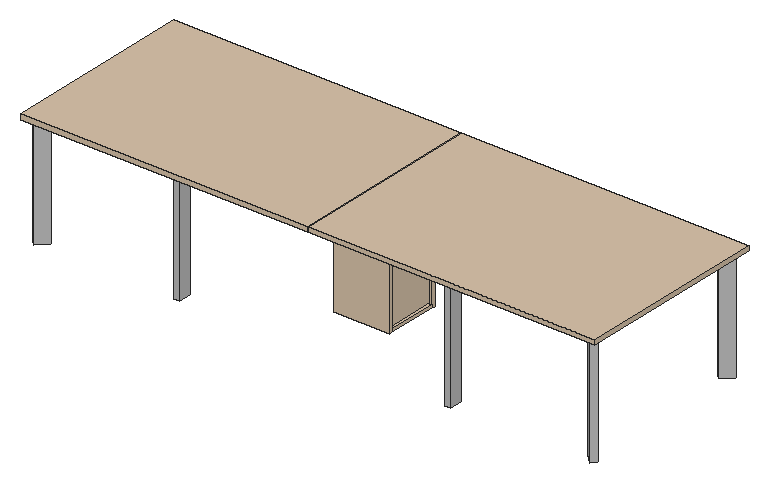
Revit family "Haworth_Planes_ConferenceTable_RectangularTwoPiece", category Furniture Systems, Revit 2018
Family settings
  Round Connector Dimension = Use Diameter
  Part Type = Normal
  OmniClass Number = 23.40.70.14.64.21
  OmniClass Title = Systems Furniture
  Work Plane-Based = No
  Always vertical = Yes
  Cut with Voids When Loaded = No
  Shared = No
  Room Calculation Point = No
Parameters (values of type "144w 48d")
  Worksurface Finish = Haworth _ Laminate _ Maple H-AE
  Worksurface Edge Finish = Haworth _ Laminate _ Maple H-AE
  Warranty = "http://www.haworth.com/resources/product-info/warranties"
  URL - Product = "http://www.haworth.com/products/tables/conference/planes"
  Sustainability Info = "http://media.haworth.com/asset/5175/Planes%20tables%20PEDS.pdf"
  Support Location_Middle = Actual Width / 4 - 2"  # 34"
  Support Location_Front_Back = if(Perimeter Leg, 3/4", 3")  # 3"
  Support Finish = Haworth _ Paint _ Metallic Champagne
  Perimeter Leg = not(Interior Leg)  # no
  No Cable Base = not(Cable Base)  # no
  Model = "TARA"  # constant formula
  Min. Depth = 42"  # constant formula
  Middle Leg_Perimeter = and(Actual Width > 149", Perimeter Leg)  # no
  Middle Leg_Interior = and(Actual Width > 137", Interior Leg)  # yes
  Max. Depth = 60"  # constant formula
  Interior Leg = yes
  Width = 144"
  URL = "www.haworth.com"
  Support Height = Actual Height - Table Thickness  # 27 13/16"
  Size = "Verify Final Dim. w/ Haworth"  # constant formula
  Revision Number = "2"  # constant formula
  Min/Max Width = "48-78 @ 6 in. increments"  # constant formula
  Standard Height = "29 in."  # constant formula
  Min. Width = 121"  # constant formula
  Max. Width = 180"  # constant formula
  Min. Height = 29"  # constant formula
  Max. Height = 29"  # constant formula
  Manufacturer = "Haworth"  # constant formula
  Support Location_Side = if(Perimeter Leg, 1 5/8", 3")  # 3"
  Half Width = Actual Width / 2  # 72"
  Description = "Haworth - Planes - Conference Table Rectangular - Two-Piece"  # constant formula
  Depth = 48"
  Custom Size = not(and(or(Depth = 42", Depth = 48", Depth = 54", Depth = 60"), or(Width = 126", Width = 132", Width = 138", Width = 144", Width = 150", Width = 156", Width = 162", Width = 168", Width = 174", Width = 180")))  # no
  Center Leg_Perimeter = and(No Cable Base, Perimeter Leg)  # no
  Center Leg_Interior = and(No Cable Base, Interior Leg)  # no
  Cable Base = yes
  Base Finish = Haworth _ Laminate _ Maple H-AE
  Author = "Haworth (Hampton), SHAPE Environments, LLC"  # constant formula
  Assembly Code = "E2020200"
  Actual Width = if(Width > Max. Width, Max. Width, if(Width < Min. Width, Min. Width, Width))  # 144"
  Actual Height = 29"  # constant formula
  Table Thickness = if(Perimeter Leg, 2", 1 3/16")  # 1 3/16"
  Standard Depths = "30, 36, 42, 48, 54, 60 in."  # constant formula
  Actual Depth = if(Depth > Max. Depth, Max. Depth, if(Depth < Min. Depth, Min. Depth, Depth))  # 48"
Reference planes (in)
  plane 1 "Center F/B": y = -0.15866
  plane 2 "Floor": z = 0
  plane 3 "Center L/R": x = 0
  plane 4 "Table Edge Left": x = -72
  plane 5 "Table Edge Right": x = 72
  plane 6 "Table Edge Back": y = -24.15866
  plane 7 "Table Edge Front": y = 23.84134
  plane 8 "Table Bottom": z = 29
  plane 9 "Left Support Location": x = -69
  plane 10 "Back Support Location": y = 20.84134
  plane 11 "Front Support Location": y = -21.15866
  plane 12 "Right Support Location": x = 69
  plane 13 "masking region": z = 27
  plane 14 "Left Middle Support": x = -34
  plane 15 "Right Middle Support": x = 34
Lines and regions (in)
  Masking region 1
    outline origin (0, 0, 27) x (0, -1, 0) y (1, 0, 0)
      loop
        line (-23.84134, -72) -> (24.15866, -72) -> (24.15866, 0) -> (-23.84134, 0) -> (-23.84134, -72)
  Masking region 2
    outline origin (10, 0, 27) x (-1, 0, 0) y (0, -1, 0)
      loop
        line (-62, -23.84134) -> (10, -23.84134) -> (10, 24.15866) -> (-62, 24.15866) -> (-62, -23.84134)
Dimensions and locks (in)
  "Actual Depth": plane 7 "Table Edge Front" to plane 6 "Table Edge Back"
  "Actual Width": plane 4 "Table Edge Left" to plane 5 "Table Edge Right"
  equal spacing: plane 4 "Table Edge Left", plane 3 "Center L/R", plane 5 "Table Edge Right"
  equal spacing: plane 7 "Table Edge Front", plane 1 "Center F/B", plane 6 "Table Edge Back"
  "Actual Height": plane 8 "Table Bottom" to level
  "Support Location_Side": plane 4 "Table Edge Left" to plane 9 "Left Support Location"
  "Support Location_Side": plane 12 "Right Support Location" to plane 5 "Table Edge Right"
  "Support Location_Front_Back": plane 7 "Table Edge Front" to plane 10 "Back Support Location"
  "Support Location_Front_Back": plane 11 "Front Support Location" to plane 6 "Table Edge Back"
  "Support Location_Middle": plane 14 "Left Middle Support" to plane 3 "Center L/R"
  "Support Location_Middle": plane 3 "Center L/R" to plane 15 "Right Middle Support"
  aligned: plane 3 "Center L/R" to nested 1
  aligned and locked: plane 1 "Center F/B" to nested 1
  aligned and locked: plane 4 "Table Edge Left" to Masking region 1 sketch curve
  aligned and locked: Masking region 1 sketch curve to plane 7 "Table Edge Front"
  aligned and locked: nested 1 to Masking region 1 sketch curve
  aligned and locked: plane 9 "Left Support Location" to nested 3
  aligned and locked: nested 3 to plane 11 "Front Support Location"
  aligned and locked: nested 2 to plane 10 "Back Support Location"
  aligned and locked: plane 9 "Left Support Location" to nested 2
  aligned and locked: plane 10 "Back Support Location" to nested 4
  aligned and locked: plane 11 "Front Support Location" to nested 5
  aligned and locked: plane 12 "Right Support Location" to nested 5
  aligned and locked: plane 12 "Right Support Location" to nested 4
  aligned and locked: plane 3 "Center L/R" to nested 6
  aligned and locked: plane 3 "Center L/R" to nested 7
  aligned and locked: nested 7 to plane 11 "Front Support Location"
  aligned and locked: plane 10 "Back Support Location" to nested 6
  aligned and locked: plane 9 "Left Support Location" to nested 9
  aligned and locked: plane 9 "Left Support Location" to nested 8
  aligned and locked: plane 11 "Front Support Location" to nested 9
  aligned and locked: nested 8 to plane 10 "Back Support Location"
  aligned and locked: plane 10 "Back Support Location" to nested 10
  aligned and locked: plane 12 "Right Support Location" to nested 10
  aligned and locked: nested 11 to plane 11 "Front Support Location"
  aligned and locked: plane 12 "Right Support Location" to nested 11
  aligned and locked: plane 3 "Center L/R" to nested 12
  aligned and locked: plane 3 "Center L/R" to nested 13
  aligned and locked: plane 11 "Front Support Location" to nested 13
  aligned and locked: nested 12 to plane 10 "Back Support Location"
  aligned and locked: Masking region 2 to plane 3 "Center L/R"
  aligned and locked: plane 5 "Table Edge Right" to Masking region 2
  aligned and locked: plane 3 "Center L/R" to Masking region 1
  aligned and locked: plane 4 "Table Edge Left" to nested 1
  aligned and locked: nested 14 to plane 3 "Center L/R"
  aligned and locked: nested 22 to plane 11 "Front Support Location"
  aligned and locked: plane 11 "Front Support Location" to nested 21
  aligned and locked: nested 16 to plane 10 "Back Support Location"
  aligned and locked: plane 10 "Back Support Location" to nested 15
  aligned and locked: nested 18 to plane 10 "Back Support Location"
  aligned and locked: plane 10 "Back Support Location" to nested 17
  aligned and locked: nested 20 to plane 11 "Front Support Location"
  aligned and locked: plane 11 "Front Support Location" to nested 19
  aligned and locked: nested 20 to plane 15 "Right Middle Support"
  aligned and locked: nested 19 to plane 15 "Right Middle Support"
  aligned and locked: nested 18 to plane 15 "Right Middle Support"
  aligned and locked: nested 17 to plane 15 "Right Middle Support"
  aligned and locked: plane 14 "Left Middle Support" to nested 16
  aligned and locked: plane 14 "Left Middle Support" to nested 15
  aligned and locked: plane 14 "Left Middle Support" to nested 22
  aligned and locked: plane 14 "Left Middle Support" to nested 21
  aligned and locked: nested 23 to nested 14
  aligned and locked: plane 3 "Center L/R" to nested 23
Automatic sketch dimensions
  Masking region 1 sketch curve to plane 3 "Center L/R" = 0"
  plane 5 "Table Edge Right" to Masking region 2 sketch curve = 0"
  plane 3 "Center L/R" to Masking region 2 sketch curve = 0"
  Masking region 2 sketch curve to plane 7 "Table Edge Front" = 0"
  plane 6 "Table Edge Back" to Masking region 2 sketch curve = 0"
Nested families (in)
  nested 1: "Worksurface-Rectangular" at (-36, -15.15866, 0), type "Worksurface"
    with Actual Width 72", Actual Depth 48"
  nested 2: "Haworth_Worksurface-Support_Part-Leg" at (-60.5, 42.08065, 0) x (-1, 0, 0) z (0, 0, 1), type "Support"
    with Support Post 45 Degree yes
  nested 3: "Haworth_Worksurface-Support_Part-Leg" at (-77.5, 0.08065, 0), type "Support"
    with Support Post 45 Degree yes
  nested 4: "Haworth_Worksurface-Support_Part-Leg" at (77.5, -0.39797, 0) x (-1, 0, 0) z (0, 0, 1), type "Support"
    with Support Post 45 Degree yes
  nested 5: "Haworth_Worksurface-Support_Part-Leg" at (77.5, 0.08065, 0) x (-1, 0, 0) z (0, 0, 1), type "Support"
    with Support Post 45 Degree yes
  nested 6: "Haworth_Worksurface-Support_Part-Leg" at (8.5, 42.08065, 0) x (-1, 0, 0) z (0, 0, 1), visible <- "Center Leg_Interior", type "Middle Support"
    with Support Post Standard yes
  nested 7: "Haworth_Worksurface-Support_Part-Leg" at (-8.5, 0.08065, 0), visible <- "Center Leg_Interior", type "Middle Support"
    with Support Post Standard yes
  nested 8: "Haworth_Worksurface-Support_Part-Leg" at (-47.76069, 12.34134, 0) x (0, 1, 0) z (0, 0, 1), type "Perimeter Support"
  nested 9: "Haworth_Worksurface-Support_Part-Leg" at (-90.23931, -29.65866, 0) x (0, 1, 0) z (0, 0, 1), type "Perimeter Support"
  nested 10: "Haworth_Worksurface-Support_Part-Leg" at (47.76069, 12.34134, 0) x (0, 1, 0) z (0, 0, 1), type "Perimeter Support"
  nested 11: "Haworth_Worksurface-Support_Part-Leg" at (90.23931, -29.65866, 0) x (0, 1, 0) z (0, 0, 1), type "Perimeter Support"
  nested 12: "Haworth_Worksurface-Support_Part-Leg" at (21.23931, 12.34134, 0) x (0, 1, 0) z (0, 0, 1), visible <- "Center Leg_Perimeter", type "Middle Support"
    with Support Post Standard yes
  nested 13: "Haworth_Worksurface-Support_Part-Leg" at (-21.23931, -29.65866, 0) x (0, 1, 0) z (0, 0, 1), visible <- "Center Leg_Perimeter", type "Middle Support"
    with Support Post Standard yes
  nested 14: "Worksurface-Rectangular" at (36, -15.15866, 0) x (-1, 0, 0) z (0, 0, 1), type "Worksurface"
    with Actual Width 72", Actual Depth 48"
  nested 15: "Haworth_Worksurface-Support_Part-Leg" at (-25.5, 42.08065, 0) x (-1, 0, 0) z (0, 0, 1), visible <- "Middle Leg_Interior", type "Middle Support"
    with Support Post Standard yes
  nested 16: "Haworth_Worksurface-Support_Part-Leg" at (-12.76069, 12.34134, 0) x (0, 1, 0) z (0, 0, 1), visible <- "Middle Leg_Perimeter", type "Middle Support"
    with Support Post Standard yes
  nested 17: "Haworth_Worksurface-Support_Part-Leg" at (42.5, 42.08065, 0) x (-1, 0, 0) z (0, 0, 1), visible <- "Middle Leg_Interior", type "Middle Support"
    with Support Post Standard yes
  nested 18: "Haworth_Worksurface-Support_Part-Leg" at (55.23931, 12.34134, 0) x (0, 1, 0) z (0, 0, 1), visible <- "Middle Leg_Perimeter", type "Middle Support"
    with Support Post Standard yes
  nested 19: "Haworth_Worksurface-Support_Part-Leg" at (42.5, 0.08065, 0) x (-1, 0, 0) z (0, 0, 1), visible <- "Middle Leg_Interior", type "Middle Support"
    with Support Post Standard yes
  nested 20: "Haworth_Worksurface-Support_Part-Leg" at (55.23931, -29.65866, 0) x (0, 1, 0) z (0, 0, 1), visible <- "Middle Leg_Perimeter", type "Middle Support"
    with Support Post Standard yes
  nested 21: "Haworth_Worksurface-Support_Part-Leg" at (-25.5, 0.08065, 0) x (-1, 0, 0) z (0, 0, 1), visible <- "Middle Leg_Interior", type "Middle Support"
    with Support Post Standard yes
  nested 22: "Haworth_Worksurface-Support_Part-Leg" at (-12.76069, -29.65866, 0) x (0, 1, 0) z (0, 0, 1), visible <- "Middle Leg_Perimeter", type "Middle Support"
    with Support Post Standard yes
  nested 23: "Haworth_Planes-Cable_Base" at (0, -3.78366, 0), visible <- "Cable Base", type "14" x 14""
Definition of nested family "Worksurface-Rectangular"
  Parameters
    Width = 0"
    Warranty = ""
    URL - Product = ""
    URL = "www.haworth.com"
    Table Thickness = 1 3/16"
    Table Finish = none
    Table Edge Finish = none
    Sustainability Info = ""
    Squared Corners = yes
    Size = "Verify Final Dim. w/ Haworth"  # constant formula
    Rounded Corners = no
    Revision Number = ""
    OmniClass Number = ""
    Min/Max Width = ""
    Min/Max Height = ""
    Min. Width = 0"
    Max. Width = 0"
    Min. Height = 0"
    Max. Height = 0"
    Material Options = ""
    Manufacturer = "Haworth"  # constant formula
    LEED Data = ""
    Height = 0"
    Author = "SHAPE Environments, LLC"  # constant formula
    Assembly Code = ""
    Actual Width = 60"
    Actual Height = 29"
    Actual Depth = 30"
  Reference planes (in)
    plane 1 "Center F/B": y = 15
    plane 2: z = 0
    plane 3 "Center L/R": x = 0
    plane 4 "Table Front": y = 30
    plane 5 "Table Right": x = 30
    plane 6 "Table Left": x = -30
    plane 7 "Table Back": y = 0
    plane 8 "Table Top": z = 29
    plane 9 "Table Bottom": z = 27.8125
  Forms (in)
    Extrusion 1, solid, material <- "Table Finish", visible <- "Squared Corners"
      sketch origin (0, 0, 0) x (1, 0, 0) y (0, 1, 0)
        loop
          line (-30, 30) -> (-30, 0) -> (30, 0) -> (30, 30) -> (-30, 30)
      from 27.8125 to 29
    Extrusion 2, solid, material <- "Table Finish", visible <- "Rounded Corners"
      sketch origin (0, 0, 0) x (1, 0, 0) y (0, 1, 0)
        loop
          arc (-28.5, 30) -> (-29.56066, 29.56066) -> (-30, 28.5) r 1.5
          line (-30, 28.5) -> (-30, 1.5)
          arc (-30, 1.5) -> (-29.56066, 0.43934) -> (-28.5, 0) r 1.5
          line (-28.5, 0) -> (28.5, 0)
          arc (28.5, 0) -> (29.56066, 0.43934) -> (30, 1.5) r 1.5
          line (30, 1.5) -> (30, 28.5)
          arc (30, 28.5) -> (29.56066, 29.56066) -> (28.5, 30) r 1.5
          line (28.5, 30) -> (-28.5, 30)
      from 27.8125 to 29
  Lines and regions (in)
    Masking region 1, visible <- "Squared Corners"
      outline origin (0, 0, 29) x (-1, 0, 0) y (0, -1, 0)
        loop
          line (30, -30) -> (30, 0) -> (-30, 0) -> (-30, -30) -> (30, -30)
    Masking region 2, visible <- "Rounded Corners"
      outline origin (0, 0, 29) x (-1, 0, 0) y (0, -1, 0)
        loop
          arc (28.5, -30) -> (29.56066, -29.56066) -> (30, -28.5) r 1.5
          line (30, -28.5) -> (30, -1.5)
          arc (30, -1.5) -> (29.56066, -0.43934) -> (28.5, 0) r 1.5
          line (28.5, 0) -> (-28.5, 0)
          arc (-28.5, 0) -> (-29.56066, -0.43934) -> (-30, -1.5) r 1.5
          line (-30, -1.5) -> (-30, -28.5)
          arc (-30, -28.5) -> (-29.56066, -29.56066) -> (-28.5, -30) r 1.5
          line (-28.5, -30) -> (28.5, -30)
  Dimensions and locks (in)
    "Actual Depth": plane 7 "Table Back" to plane 4 "Table Front"
    "Actual Width": plane 6 "Table Left" to plane 5 "Table Right"
    equal spacing: plane 6 "Table Left", plane 3 "Center L/R", plane 5 "Table Right"
    equal spacing: plane 4 "Table Front", plane 1 "Center F/B", plane 7 "Table Back"
    "Table Thickness": plane 8 "Table Top" to plane 9 "Table Bottom"
    "Actual Height": plane 8 "Table Top" to level
    aligned and locked: plane 6 "Table Left" to Extrusion 1 sketch curve
    aligned and locked: Extrusion 1 sketch curve to plane 4 "Table Front"
    aligned and locked: plane 7 "Table Back" to Extrusion 1 sketch curve
    aligned and locked: plane 5 "Table Right" to Extrusion 1 sketch curve
    aligned and locked: plane 8 "Table Top" to Extrusion 1
    aligned and locked: Extrusion 1 to plane 9 "Table Bottom"
    aligned and locked: plane 6 "Table Left" to Extrusion 2 sketch curve
    aligned and locked: Extrusion 2 sketch curve to plane 7 "Table Back"
    aligned and locked: plane 5 "Table Right" to Extrusion 2 sketch curve
    aligned and locked: Extrusion 2 sketch curve to plane 4 "Table Front"
    aligned and locked: plane 8 "Table Top" to Extrusion 2
    aligned and locked: Extrusion 2 to plane 9 "Table Bottom"
    aligned and locked: Masking region 1 sketch curve to plane 7 "Table Back"
    aligned and locked: plane 5 "Table Right" to Masking region 1 sketch curve
    aligned and locked: Masking region 1 sketch curve to plane 4 "Table Front"
    aligned and locked: plane 6 "Table Left" to Masking region 1 sketch curve
    aligned and locked: Masking region 2 sketch curve to Extrusion 2  (x4)
  Automatic sketch dimensions
    plane 6 "Table Left" to Extrusion 2 sketch curve = 1 1/2"
    Extrusion 2 sketch curve to Extrusion 2 sketch curve = 1 1/2"
    plane 5 "Table Right" to Extrusion 2 sketch curve = 1 1/2"  (x2)
    plane 5 "Table Right" to Masking region 2 sketch curve = 1 1/2"  (x2)
    plane 6 "Table Left" to Masking region 2 sketch curve = 1 1/2"  (x2)
Definition of nested family "Haworth_Worksurface-Support_Part-Leg"
  Parameters
    Top Thickness = 1 3/16"
    Support Post Standard = no
    Support Post 45 Degree = no
    Support Height = Actual Height - Top Thickness  # 27 13/16"
    Model = "Worksurface"
    Worksurface Height = 29"
    Warranty = "www.haworth.com/en-us/Products/Pages/Certifications.aspx"
    URL - Product = "www.haworth.com/en-us/Products/Furniture/Systems/Desking-Systems/Pages/Compose.aspx"
    URL = "www.haworth.com"
    Sustainability Info = "www.haworth.com/en-us/About-Us/Sustainability/Pages/Vision.aspx"
    Support Finish = none
    Size = "Verify Final Dim. w/ Haworth"  # constant formula
    Revision Number = "1"  # constant formula
    Min/Max Height = "26-32 in."  # constant formula
    Min. Height = 20"  # constant formula
    Max. Height = 48"  # constant formula
    Manufacturer = "Haworth"  # constant formula
    LEED Data = "www.haworth.com/_layouts/Haworth.ProductCatalog/Handlers/GetAsset.ashx/ComposeLEEDContributions.pdf?cid=27&rid=1824&type=Leed"
    Description = "Worksurface Support"  # constant formula
    Author = "SHAPE Environments, LLC"  # constant formula
    Assembly Code = "E2020200"
    Actual Top Thickness = if(Top Thickness > 3", 3", if(Top Thickness < 1", 1", Top Thickness))  # 1 3/16"
    Actual Height = 29"
  Reference planes (in)
    plane 1: z = 0
    plane 2 "Center L/R": x = 8.5
    plane 3 "Support Top": z = 27.8125
    plane 4 "Center F/B": y = -21.23931
  Forms (in)
    Extrusion 1, solid, material <- "Support Finish", visible <- "Support Post Standard"
      sketch origin (0, 0, 0) x (1, 0, 0) y (0, 1, 0)
        loop
          line (7.75, -22.86431) -> (9.25, -22.86431) -> (9.25, -19.61431) -> (7.75, -19.61431) -> (7.75, -22.86431)
      from 0 to 27.8125
    Extrusion 2, solid, material <- "Support Finish", visible <- "Support Post 45 Degree"
      sketch origin (17.50805, -0.21044, 0) x (0.707107, -0.707107, 0) y (0.707107, 0.707107, 0)
        loop
          line (7.75, -22.86431) -> (9.25, -22.86431) -> (9.25, -19.61431) -> (7.75, -19.61431) -> (7.75, -22.86431)
      from 0 to 27.8125
  Lines and regions (in)
    symbolic lines, visible <- "Support Post Standard", detail levels fine
      curve 1: line (7.75, -19.61431, 0) -> (9.25, -19.61431, 0)
      curve 2: line (7.75, -22.86431, 0) -> (7.75, -19.61431, 0)
      curve 3: line (9.25, -22.86431, 0) -> (7.75, -22.86431, 0)
      curve 4: line (9.25, -19.61431, 0) -> (9.25, -22.86431, 0)
    symbolic lines, visible <- "Support Post 45 Degree", detail levels fine
      curve 5: line (6.82062, -21.85803, 0) -> (9.11872, -19.55993, 0)
      curve 6: line (9.11872, -19.55993, 0) -> (10.17938, -20.62059, 0)
      curve 7: line (10.17938, -20.62059, 0) -> (7.88128, -22.91869, 0)
      curve 8: line (7.88128, -22.91869, 0) -> (6.82062, -21.85803, 0)
  Dimensions and locks (in)
    "Support Height": plane 3 "Support Top" to level
    aligned and locked: plane 3 "Support Top" to Extrusion 1
    aligned and locked: plane 3 "Support Top" to Extrusion 2
  Automatic sketch dimensions
    Extrusion 1 sketch curve to plane 4 "Center F/B" = 1 5/8"
    plane 2 "Center L/R" to Extrusion 1 sketch curve = 3/4"
    Extrusion 1 sketch curve to plane 2 "Center L/R" = 3/4"
    plane 4 "Center F/B" to Extrusion 1 sketch curve = 1 5/8"
    plane 2 "Center L/R" to Extrusion 2 sketch curve = 0.61872"
    Extrusion 2 sketch curve to plane 4 "Center F/B" = 1.67938"
    Extrusion 2 sketch curve to Extrusion 2 sketch curve = 1 1/2"
    Extrusion 2 sketch curve to Extrusion 2 sketch curve = 3 1/4"
    plane 4 "Center F/B" to curve 5 = 0.61872"
    curve 2 to plane 2 "Center L/R" = 3/4"
    curve 2 to curve 7 = 0.13128"
    plane 2 "Center L/R" to curve 6 = 0.61872"
    curve 5 to curve 4 = 0.13128"
    curve 6 to plane 4 "Center F/B" = 0.61872"
    curve 1 to curve 6 = 0.92938"
    curve 7 to curve 2 = 0.05438"
    curve 1 to curve 5 = 0.05438"
Definition of nested family "Haworth_Planes-Cable_Base"
  Parameters
    Warranty = "www.haworth.com/en-us/Products/Pages/Certifications.aspx"
    URL - Product = "www.haworth.com/en-us/Products/Furniture/Tables/Conference-Ancillary/Pages/Planes.aspx"
    URL = "www.haworth.com"
    Sustainability Info = "www.haworth.com/en-us/About-Us/Sustainability/Pages/Vision.aspx"
    Size = "Verify Final Dim. w/ Haworth"  # constant formula
    Revision Number = "2"  # constant formula
    Model = "Haworth_Planes-Cable_Base"  # constant formula
    Min. Height = 28"  # constant formula
    Max. Height = 28"  # constant formula
    Manufacturer = "Haworth"  # constant formula
    LEED Data = "www.haworth.com/_layouts/Haworth.ProductCatalog/Handlers/GetAsset.ashx/PlanesLEEDContributions.pdf?cid=187&rid=1508&type=Leed"
    Description = "Haworth_Planes-Cable_Base"
    Base Finish = none
    Author = "SHAPE Environments, LLC"  # constant formula
    Assembly Code = "E2020200"
    Actual Width = 14"  # constant formula
    Actual Height = 28"  # constant formula
    Actual Depth = if([8 x 14], 8", 14")  # 14"
    8 x 14 = not([14 x 14])  # no
    14 x 14 = yes
  Reference planes (in)
    plane 1 "Center F/B": y = 3.625
    plane 2: z = 0
    plane 3 "Center L/R": x = 0
    plane 4 "Left": x = -7
    plane 5 "Right": x = 7
    plane 6 "Front": y = -3.375
    plane 7 "Top": z = 28
    plane 8 "Back": y = 10.625
    plane 9: y = 9.875
    plane 10: x = 6.25
    plane 11: x = -6.25
    plane 12: y = -2.625
    plane 13: z = 27.25
  Forms (in)
    Extrusion 1, solid, material <- "Base Finish"
      sketch origin (0, 0, 0) x (1, 0, 0) y (0, 1, 0)
        loop
          line (-7, 10.625) -> (-7, 9.875) -> (7, 9.875) -> (7, 10.625) -> (-7, 10.625)
        loop
          line (-7, -2.625) -> (-7, -3.375) -> (7, -3.375) -> (7, -2.625) -> (-7, -2.625)
      from 0 to 28
    Extrusion 2, solid, material <- "Base Finish"
      sketch origin (0, 0, 0) x (1, 0, 0) y (0, 1, 0)
        loop
          line (-6.25, 9.875) -> (-6.25, -2.625) -> (-5.5, -2.625) -> (-5.5, 9.875) -> (-6.25, 9.875)
        loop
          line (6.25, 9.875) -> (5.5, 9.875) -> (5.5, -2.625) -> (6.25, -2.625) -> (6.25, 9.875)
      from 0 to 27.25
    Extrusion 3, solid, material <- "Base Finish"
      sketch origin (0, 0, 0) x (1, 0, 0) y (0, 1, 0)
        loop
          line (-7, 9.875) -> (-7, -2.625) -> (7, -2.625) -> (7, 9.875) -> (-7, 9.875)
        loop
          line (-4, 7.625) -> (-4, -0.375) -> (4, -0.375) -> (4, 7.625) -> (-4, 7.625)
      from 0 to 0.75
  Cuts and joins
    joined: Extrusion 2, Extrusion 3
  Lines and regions (in)
    Masking region 1, detail levels fine
      outline origin (0, 0, 0) x (1, 0, 0) y (0, 1, 0)
        loop
          line (-7, 10.625) -> (-7, -3.375) -> (7, -3.375) -> (7, 10.625) -> (-7, 10.625)
        loop
          line (-4, 7.625) -> (-4, -0.375) -> (4, -0.375) -> (4, 7.625) -> (-4, 7.625)
  Dimensions and locks (in)
    equal spacing: plane 8 "Back", plane 1 "Center F/B", plane 6 "Front"
    "Actual Depth": plane 8 "Back" to plane 6 "Front"
    equal spacing: plane 4 "Left", plane 3 "Center L/R", plane 5 "Right"
    "Actual Width": plane 4 "Left" to plane 5 "Right"
    "Actual Height": plane 7 "Top" to level
    locked: plane 4 "Left" to plane 11 at 0.75
    locked: plane 10 to plane 5 "Right" at 0.75
    locked: plane 8 "Back" to plane 9 at 0.75
    locked: plane 12 to plane 6 "Front" at 0.75
    locked: plane 7 "Top" to plane 13 at 0.75
    Extrusion 2 sketch curve to plane 10 = 3/4"
    plane 11 to Extrusion 2 sketch curve = 3/4"
    Extrusion 3 sketch curve to plane 6 "Front" = 3"
    Extrusion 3 sketch curve to plane 8 "Back" = 3"
    plane 4 "Left" to Extrusion 3 sketch curve = 3"
    Extrusion 3 sketch curve to plane 5 "Right" = 3"
    aligned and locked: plane 4 "Left" to Extrusion 1 sketch curve  (x2)
    aligned and locked: Extrusion 1 sketch curve to plane 8 "Back"
    aligned and locked: plane 9 to Extrusion 1 sketch curve
    aligned and locked: plane 5 "Right" to Extrusion 1 sketch curve  (x2)
    aligned and locked: plane 6 "Front" to Extrusion 1 sketch curve
    aligned and locked: Extrusion 1 sketch curve to plane 12
    aligned and locked: plane 7 "Top" to Extrusion 1
    aligned and locked: plane 11 to Extrusion 2 sketch curve
    aligned and locked: Extrusion 2 sketch curve to plane 9
    aligned and locked: plane 12 to Extrusion 2 sketch curve  (x2)
    aligned and locked: plane 10 to Extrusion 2 sketch curve
    aligned and locked: plane 9 to Extrusion 2 sketch curve
    aligned and locked: plane 13 to Extrusion 2
    aligned and locked: Extrusion 1 to Extrusion 3 sketch curve
    aligned and locked: Extrusion 3 sketch curve to Extrusion 1
    aligned and locked: Masking region 1 sketch curve to Extrusion 3  (x5)
    aligned and locked: Masking region 1 sketch curve to Extrusion 1
    aligned and locked: Extrusion 1 to Masking region 1 sketch curve
    aligned and locked: Extrusion 3 to Masking region 1 sketch curve
    aligned and locked: plane 12 to Extrusion 3 sketch curve
    aligned and locked: Extrusion 3 sketch curve to plane 9
Types in the file's own list only (36): name | Support Location_Middle | Middle Leg_Interior | Width | Half Width | Depth | Custom Size | Actual Width | Actual Depth
  48w 30d | 28 1/4" | No | 48" | 60 1/2" | 30" | Yes | 121" | 42"
  54w 30d | 28 1/4" | No | 54" | 60 1/2" | 30" | Yes | 121" | 42"
  60w 30d | 28 1/4" | No | 60" | 60 1/2" | 30" | Yes | 121" | 42"
  66w 30d | 28 1/4" | No | 66" | 60 1/2" | 30" | Yes | 121" | 42"
  72w 30d | 28 1/4" | No | 72" | 60 1/2" | 30" | Yes | 121" | 42"
  78w 30d | 28 1/4" | No | 78" | 60 1/2" | 30" | Yes | 121" | 42"
  48w 36d | 28 1/4" | No | 48" | 60 1/2" | 36" | Yes | 121" | 42"
  54w 36d | 28 1/4" | No | 54" | 60 1/2" | 36" | Yes | 121" | 42"
  60w 36d | 28 1/4" | No | 60" | 60 1/2" | 36" | Yes | 121" | 42"
  66w 36d | 28 1/4" | No | 66" | 60 1/2" | 36" | Yes | 121" | 42"
  72w 36d | 28 1/4" | No | 72" | 60 1/2" | 36" | Yes | 121" | 42"
  78w 36d | 28 1/4" | No | 78" | 60 1/2" | 36" | Yes | 121" | 42"
  48w 42d | 28 1/4" | No | 48" | 60 1/2" | 42" | Yes | 121" | 42"
  54w 42d | 28 1/4" | No | 54" | 60 1/2" | 42" | Yes | 121" | 42"
  60w 42d | 28 1/4" | No | 60" | 60 1/2" | 42" | Yes | 121" | 42"
  66w 42d | 28 1/4" | No | 66" | 60 1/2" | 42" | Yes | 121" | 42"
  72w 42d | 28 1/4" | No | 72" | 60 1/2" | 42" | Yes | 121" | 42"
  78w 42d | 28 1/4" | No | 78" | 60 1/2" | 42" | Yes | 121" | 42"
  48w 48d | 28 1/4" | No | 48" | 60 1/2" | 48" | Yes | 121" | 48"
  54w 48d | 28 1/4" | No | 54" | 60 1/2" | 48" | Yes | 121" | 48"
  60w 48d | 28 1/4" | No | 60" | 60 1/2" | 48" | Yes | 121" | 48"
  66w 48d | 28 1/4" | No | 66" | 60 1/2" | 48" | Yes | 121" | 48"
  72w 48d | 28 1/4" | No | 72" | 60 1/2" | 48" | Yes | 121" | 48"
  78w 48d | 28 1/4" | No | 78" | 60 1/2" | 48" | Yes | 121" | 48"
  48w 54d | 28 1/4" | No | 48" | 60 1/2" | 54" | Yes | 121" | 54"
  54w 54d | 28 1/4" | No | 54" | 60 1/2" | 54" | Yes | 121" | 54"
  60w 54d | 28 1/4" | No | 60" | 60 1/2" | 54" | Yes | 121" | 54"
  66w 54d | 28 1/4" | No | 66" | 60 1/2" | 54" | Yes | 121" | 54"
  72w 54d | 28 1/4" | No | 72" | 60 1/2" | 54" | Yes | 121" | 54"
  78w 54d | 28 1/4" | No | 78" | 60 1/2" | 54" | Yes | 121" | 54"
  48w 60d | 28 1/4" | No | 48" | 60 1/2" | 60" | Yes | 121" | 60"
  54w 60d | 28 1/4" | No | 54" | 60 1/2" | 60" | Yes | 121" | 60"
  60w 60d | 28 1/4" | No | 60" | 60 1/2" | 60" | Yes | 121" | 60"
  66w 60d | 28 1/4" | No | 66" | 60 1/2" | 60" | Yes | 121" | 60"
  72w 60d | 28 1/4" | No | 72" | 60 1/2" | 60" | Yes | 121" | 60"
  78w 60d | 28 1/4" | No | 78" | 60 1/2" | 60" | Yes | 121" | 60"
